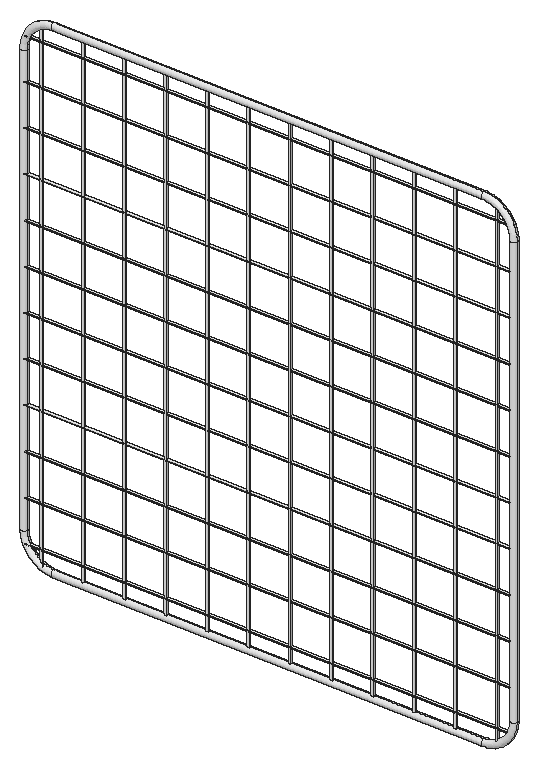
Revit family "okamura_MT25BB_スプリント_ボードオプション_フェンスボード_600W×600H", category 家具, Revit 2017
Family settings
  OmniClass 番号 = 23.40.20.00
  OmniClass タイトル = General Furniture and Specialties
  作業面に基づく = いいえ
  常に垂直 = はい
  ロード時にボイドで切り取り = いいえ
  共有 = いいえ
  部屋計算ポイント = いいえ
Parameters (values of type "ZC03（ネオホワイト）")
  製造元 = "株式会社オカムラ"
  製品名称 [instance] = "スプリント"  # constant formula
  製品仕様 [instance] = "フェンスボード 600H"  # constant formula
  製品コード/色仕様 = "MT25BB"  # constant formula
  製品コード [instance] = "MT25BB"  # constant formula
  製品カテゴリ = "クリエイティブファニチュア"  # constant formula
  色仕様名称 [instance] = "ネオホワイト"
  色仕様コード [instance] = "ZC03"
  本体 = okm_ZC03
  導入日 [instance] = ""
  区分 = "ボードオプション"  # constant formula
  共通仕様 = ""
  備考 = ""
  シリアルNo [instance] = ""
  キーノート = "12490"
  アセンブリ コード = "E2020200"
  W = 600.0 mm
  URL = "http://www.okamura.co.jp/"
  Product_URL = ""
  ID [instance] = ""
  H = 600.0 mm
  D = 8.0 mm
  Copyright [instance] = "©2021.10 okamura Corp."  # constant formula
Types (3, lengths in mm): name | 色仕様名称 | 色仕様コード | 本体
  (no name) | "ネオホワイト" | "ZC03" | okm_ZC03
  ZC03（ネオホワイト） | "ネオホワイト" | "ZC03" | okm_ZC03
  Z721（ネオブラック） | "ネオブラック" | "Z721" | okm_Z721
Reference planes
  plane 1 "中心(正面/背面)": y = 0
  plane 2: z = 0
  plane 3 "中心(左/右)": x = 0
  plane 4 "左": x = -300
  plane 5 "右": x = 300
  plane 6 "背面": y = 4
  plane 7 "正面": y = -4
  plane 8 "上": z = 600
Forms (mm)
  Sweep 1, solid, material "okm_ZC03" <- "本体"
    path origin (0, 0, 0) x (1, 0, 0) y (0, 0, 1)
      loop
        arc (260, 4) -> (285.456, 14.544) -> (296, 40) r 36
        line (296, 40) -> (296, 560)
        arc (296, 560) -> (285.456, 585.456) -> (260, 596) r 36
        line (260, 596) -> (-260, 596)
        arc (-260, 596) -> (-285.456, 585.456) -> (-296, 560) r 36
        line (-296, 560) -> (-296, 40)
        arc (-296, 40) -> (-285.456, 14.544) -> (-260, 4) r 36
        line (-260, 4) -> (260, 4)
    profile origin (0, 0, 4) x (0, 0, -1) y (0, -1, 0)
      loop
        circle (0, 0) r 4
  Extrusion 2, solid, material "okm_ZC03" <- "本体"
    sketch origin (0, 0, 0) x (1, 0, 0) y (0, 1, 0)
      loop
        circle (-275, 0) r 1.5
      loop
        circle (-225, 0) r 1.5
      loop
        circle (-125, 0) r 1.5
      loop
        circle (-175, 0) r 1.5
      loop
        circle (75, 0) r 1.5
      loop
        circle (25, 0) r 1.5
      loop
        circle (-75, 0) r 1.5
      loop
        circle (-25, 0) r 1.5
      loop
        circle (275, 0) r 1.5
      loop
        circle (225, 0) r 1.5
      loop
        circle (125, 0) r 1.5
      loop
        circle (175, 0) r 1.5
    from 6 to 594.172
  Extrusion 3, solid, material "okm_ZC03" <- "本体"
    sketch origin (0, 0, 0) x (0, 1, 0) y (0, 0, 1)
      loop
        circle (0, 25.002) r 1.5
      loop
        circle (0, 74.998) r 1.5
      loop
        circle (0, 174.998) r 1.5
      loop
        circle (0, 125.002) r 1.5
      loop
        circle (0, 324.995) r 1.5
      loop
        circle (0, 274.998) r 1.5
      loop
        circle (0, 224.995) r 1.5
      loop
        circle (0, 574.992) r 1.5
      loop
        circle (0, 474.992) r 1.5
      loop
        circle (0, 524.989) r 1.5
      loop
        circle (0, 374.992) r 1.5
      loop
        circle (0, 424.995) r 1.5
    from -296 to 296
Lines and regions (mm)
  Masking region 1
    outline origin (0, 0, 0) x (1, 0, 0) y (0, 1, 0)
      loop
        arc (-296, 4) -> (-300, 0) -> (-296, -4) r 4
        line (-296, -4) -> (296, -4)
        arc (296, -4) -> (300, 0) -> (296, 4) r 4
        line (296, 4) -> (-296, 4)
  symbolic lines, style "okm_標準・詳細", detail levels medium+fine
    curve 1: line (296, 4, 0) -> (-296, 4, 0)
    curve 2: line (-296, -4, 0) -> (296, -4, 0)
    curve 6: arc (296, -4, 0) -> (300, 0, 0) -> (296, 4, 0) r 4
    curve 8: arc (-296, -4, 0) -> (-300, 0, 0) -> (-296, 4, 0) r 4
  symbolic lines, style "okm_簡略", detail levels coarse
    curve 3: line (-296, 4, 0) -> (296, 4, 0)
    curve 4: line (296, -4, 0) -> (-296, -4, 0)
    curve 5: arc (296, -4, 0) -> (300, 0, 0) -> (296, 4, 0) r 4
    curve 7: arc (-296, -4, 0) -> (-300, 0, 0) -> (-296, 4, 0) r 4
Dimensions and locks
  equal spacing: plane 4 "左", plane 3 "中心(左/右)", plane 5 "右"
  "W": plane 4 "左" to plane 5 "右"
  equal spacing: plane 7 "正面", plane 1 "中心(正面/背面)", plane 6 "背面"
  "D": plane 7 "正面" to plane 6 "背面"
  "H": plane 8 "上" to level
  aligned and locked: level to plane 2
Automatic sketch dimensions
  plane 4 "左" to Sweep 1 sketch curve = 4.0 mm
  Sweep 1 sketch curve to plane 8 "上" = 4.0 mm
  plane 4 "左" to Sweep 1 sketch curve = 40.0 mm
  Sweep 1 sketch curve to Sweep 1 sketch curve = 36.0 mm  (x2)
  Sweep 1 sketch curve to plane 5 "右" = 40.0 mm
  Sweep 1 sketch curve to plane 5 "右" = 4.0 mm
  level to Sweep 1 sketch curve = 40.0 mm
  Sweep 1 sketch curve to plane 1 "中心(正面/背面)" = 0.0 mm
  Sweep 1 sketch curve to profile plane = 0.0 mm
  plane 1 "中心(正面/背面)" to Extrusion 2 sketch curve = 0.0 mm  (x12)
  plane 4 "左" to Extrusion 2 sketch curve = 25.0 mm
  Extrusion 2 sketch curve to Extrusion 2 sketch curve = 50.0 mm  (x8)
  Extrusion 2 sketch curve to plane 3 "中心(左/右)" = 25.0 mm
  plane 3 "中心(左/右)" to Extrusion 2 sketch curve = 25.0 mm
  Extrusion 2 sketch curve to plane 5 "右" = 25.0 mm
  Extrusion 3 sketch curve to plane 1 "中心(正面/背面)" = 0.0 mm  (x12)
  level to Extrusion 3 sketch curve = 25.002 mm
  Extrusion 3 sketch curve to Extrusion 3 sketch curve = 49.997 mm  (x7)
  Extrusion 3 sketch curve to Extrusion 3 sketch curve = 50.003 mm  (x4)
  plane 1 "中心(正面/背面)" to Masking region 1 sketch curve = 0.0 mm
  plane 6 "背面" to Masking region 1 sketch curve = 0.0 mm
  Masking region 1 sketch curve to plane 5 "右" = 4.0 mm
  plane 4 "左" to Masking region 1 sketch curve = 4.0 mm
  plane 4 "左" to curve 1 = 4.0 mm
  plane 1 "中心(正面/背面)" to curve 8 = 0.0 mm
  plane 6 "背面" to curve 7 = 0.0 mm
  curve 6 to plane 5 "右" = 4.0 mm
  radius of Sweep 1 sketch curve = 4.0 mm
  radius of Extrusion 2 sketch curve = 1.5 mm  (x12)
  radius of Extrusion 3 sketch curve = 1.5 mm  (x12)
